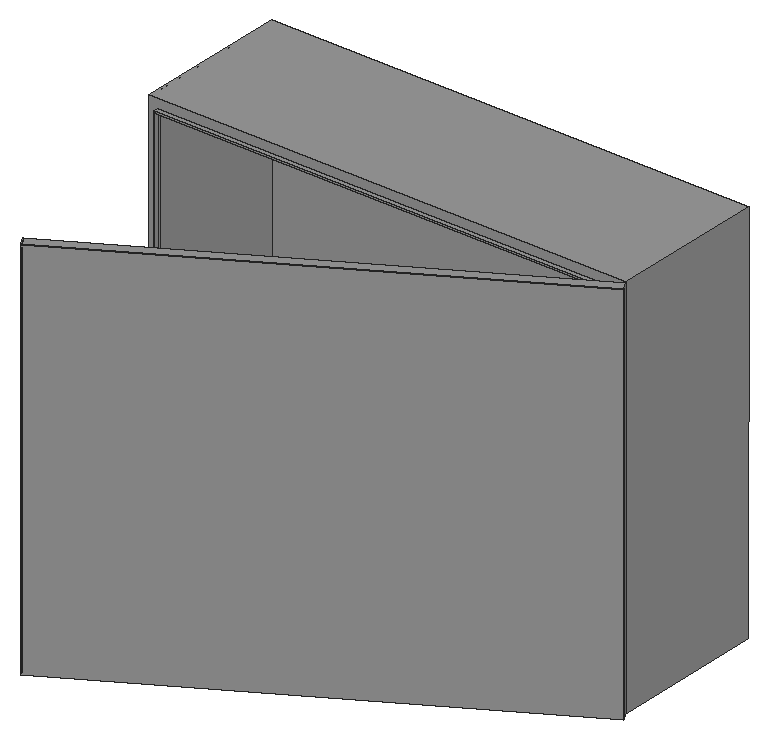
Revit family "Hager-Univers-IP55-D275-H650-Cl.II-Steel_encl-NoHosted-ES-es", category Electrical Equipment, Revit 2020
Family settings
  Panel Configuration = Two Columns, Circuits Across
  Round Connector Dimension = Use Diameter
  Part Type = Panelboard
  Work Plane-Based = Yes
  Always vertical = Yes
  Cut with Voids When Loaded = No
  Shared = No
  Room Calculation Point = No
Parameters (values of type "Montado superficial (escayola) IP55 A800 A650 P275  - FR43S")
  Width Control [instance] = if([EF000008 - Anchura] > Min Width, [EF000008 - Anchura], Min Width)  # 800 mm
  Type Comments = [HG000003 - Gama]  # "Univers"
  Thickness Door [instance] = if([EF009171 - Espesor puerta/tapa] > 3 mm, 3 mm, [EF009171 - Espesor puerta/tapa])  # 1.5 mm
  Seal Frame Offset [instance] = 17 mm  # constant formula
  Plinth Visibility [instance] = [HG000027 - Altura de zócalo] > 0 mm  # no
  Min Width [instance] = 100 mm  # constant formula
  Min Depth [instance] = (2 * [EF009170 - Espesor del material de la caja]) + 1 mm  # 4 mm
  Min Height [instance] = 100 mm  # constant formula
  Internal Frame Depth [instance] = (Door System Depth * 0.5)  # 9 mm
  Panel Name [instance] = ""  # (empty or 0)
  Model = ""
  HG000027 - Altura de zócalo = 0 mm
  HG000026 - Instalación en suelo = no
  HG000024 - Altura de la sección inferior = 600 mm
  HG000023 - Caja de doble sección = no
  HG000016 - Visibilidad de la puerta 3D [instance] = yes
  HG000015 - Visibilidad a través de la puerta [instance] = no
  HG000014 - Puerta a la derecha [instance] = yes
  HG000013 - Puerta a la izquierda [instance] = not([HG000014 - Puerta a la derecha])  # no
  HG000012 - Ángulo de giro de la puerta [instance] = 30.00°
  HG000010 - Puertas asimétricas = no
  HG000009 - Puerta batiente doble = no
  HG000006 - Empotrado = no
  HG000004 - Referencia del fabricante = "FR43S"
  HG000003 - Gama = "Univers"
  HG000002 - Con puerta o tapa = yes
  Frame Offset Bottom [instance] = 10 mm  # constant formula
  Frame Offset [instance] = 15 mm  # constant formula
  EF015940 - Tapa con alivio de sobrepresión = no
  EF011959 - Grado de protección (NEMA) = ""
  EF009554 - Número de aberturas para placas-brida = 6
  EF009212 - Versión de la cubierta = "EV000116 - Cerrado"
  EF009171 - Espesor puerta/tapa = 1.5 mm
  EF009170 - Espesor del material de la caja = 1.5 mm
  EF008873 - Corriente nominal (In) = 800 A
  EF007800 - Adecuado para la protección contra rayos = no
  EF006306 - Con cierre = no
  EF006244 - Tapa/puerta transparente = no
  EF005474 - Grado de protección (IP) = "EV006420 - IP55"
  EF004464 - Tipo de puerta = "EV002646 - Único"
  EF004427 - Número de módulos = 144
  EF004293 - Resistencia al impacto (IK) = "EV008784 - IK10"
  EF003532 - Adecuado para uso en exteriores = no
  EF002950 - Anchura de unidades de división = 24
  EF001613 - Integridad del circuito = "EV000494 - Ninguno"
  EF001596 - Material de la carcasa = "EV000179 - Acero"
  EF001131 - Profundidad interna = 275 mm
  EF001088 - Posibilidad de extensión = yes
  EF000437 - Número de entradas de conductos de cables = 6
  EF000339 - Tipo de cubierta = "EV004216 - Puerta"
  EF000266 - Número de filas = 4
  EF000218 - Profundidad de instalación = 0 mm
  EF000118 - Con placa de montaje = no
  EF000116 - Número RAL = "7035"
  EF000049 - Profundidad = 275 mm
  EF000040 - Altura = 650 mm
  EF000008 - Anchura = 800 mm
  EF000007 - Color = "EV000270 - Gris"
  EF000003 - Tipo de montaje = "EV000384 - Montado superficial (escayola)"
  Door System Leaf Tolerance [instance] = 1.5 mm  # constant formula
  Door System Depth [instance] = 18 mm  # constant formula
  Door Height [instance] = Height Control - [HG000027 - Altura de zócalo]  # 650 mm
  Description = ""
  Default Elevation = 1219.2 mm
  Connector Offset [instance] = Height Control / 2  # 325 mm
  Manufacturer = "Hager"  # constant formula
  Height Control [instance] = if([EF000040 - Altura] > Min Height, [EF000040 - Altura], Min Height)  # 650 mm
  Depth Control [instance] = if([EF000049 - Profundidad] > Min Depth, [EF000049 - Profundidad], Min Depth)  # 275 mm
  Bottom Top Plate Trim [instance] = 1.5 mm  # constant formula
  Plinth height Ctrl [instance] = if([HG000027 - Altura de zócalo] > 0 mm, [HG000027 - Altura de zócalo], 12 mm)  # 12 mm
Types (5, lengths in mm): name | Width Control | HG000010 - Puertas asimétricas | HG000009 - Puerta batiente doble | HG000004 - Referencia del fabricante | EF009554 - Número de aberturas para placas-brida | EF004464 - Tipo de puerta | EF004427 - Número de módulos | EF000437 - Número de entradas de conductos de cables | EF000008 - Anchura
  Montado superficial (escayola) IP55 A1050 A650 P275  - FR44S | 1050 | no | yes | "FR44S" | 8 | "EV003602 - Doble" | 192 | 8 | 1050
  Montado superficial (escayola) IP55 A1300 A650 P275  - FR45S | 1300 | yes | yes | "FR45S" | 10 | "EV003602 - Doble" | 240 | 10 | 1300
  Montado superficial (escayola) IP55 A300 A650 P275  - FR41S | 300 | no | no | "FR41S" | 2 | "EV002646 - Único" | 48 | 2 | 300
  Montado superficial (escayola) IP55 A550 A650 P275  - FR42S | 550 | no | no | "FR42S" | 4 | "EV002646 - Único" | 96 | 4 | 550
  Montado superficial (escayola) IP55 A800 A650 P275  - FR43S | 800 | no | no | "FR43S" | 6 | "EV002646 - Único" | 144 | 6 | 800
Reference planes
  plane 1 "Center (Front/Back)": y = 0
  plane 2: z = 0
  plane 3 "Center (Left/Right)": x = 0
  plane 4: y = 0
  plane 5: y = 0
  plane 6: z = 0
  plane 7: x = -400
  plane 8: x = 400
  plane 9: x = 398.5
  plane 10: x = -398.5
  plane 11: z = 0
  plane 12: z = 1.5
  plane 13: y = -275
  plane 14: y = -1.5
  plane 15: x = 0
  plane 16: y = -257
  plane 17: y = -273.5
  plane 18: y = -255.5
  plane 19: x = -383.5
  plane 20: x = 383.5
  plane 21: z = 11.5
  plane 22: x = -383
  plane 23: x = 383
  plane 24: z = 0
  plane 25: z = 650
  plane 26: z = 650
  plane 27: z = 633.5
  plane 28: z = 648.5
Forms (mm)
  Extrusion 1, solid, material "Hager_Steel_RAL7035_Light_Grey", detail levels medium+fine
    sketch origin (-208.679, -4572, 0) x (-1, 0, 0) y (0, -1, 0)
      loop
        line (191.321, -4315) -> (-608.679, -4315) -> (-608.679, -4572) -> (191.321, -4572) -> (191.321, -4315)
    from 0 to 650
  Extrusion 2, void
    sketch origin (-350.771, -275, 1219.2) x (1, 0, 0) y (0, 0, 1)
      loop
        line (-47.729, -570.7) -> (-47.729, -1217.7) -> (749.271, -1217.7) -> (749.271, -570.7) -> (-47.729, -570.7)
    from -19.5 to -273.5
  Extrusion 3, void
    sketch origin (-290.084, -257, 1219.2) x (1, 0, 0) y (0, 0, 1)
      loop
        line (-93.416, -1207.7) -> (673.584, -1207.7) -> (673.584, -585.7) -> (-93.416, -585.7) -> (-93.416, -1207.7)
    from 0 to -1.5
  Extrusion 4, solid, material "Hager_Steel_RAL7035_Light_Grey", visible <- "Plinth Visibility", detail levels medium+fine
    sketch origin (0, 0, 0) x (1, 0, 0) y (0, 1, 0)
      loop
        line (-400, 0) -> (-400, -257) -> (400, -257) -> (400, 0) -> (-400, 0)
    from 0 to 12 <- "Plinth height Ctrl"
  Extrusion 5, solid, material "Hager_Steel_RAL7035_Light_Grey", detail levels coarse
    sketch origin (0, 0, 0) x (1, 0, 0) y (0, 1, 0)
      loop
        line (-400, 0) -> (-400, -275) -> (400, -275) -> (400, 0) -> (-400, 0)
    from 0 to 650 <- "Height Control"
  Sweep 6, void
    path in 3D
      loop
        line (-400, -257, 12) -> (400, -257, 12) -> (400, 0, 12) -> (-400, 0, 12) -> (-400, -257, 12)
    profile origin (-400, -128.5, 12) x (1, 0, 0) y (0, 0, 1)
      loop
        line (0, 0) -> (0, -1.5) -> (1.5, -1.5)
        arc (1.5, -1.5) -> (1.061, -0.439) -> (0, 0) r 1.5
  Extrusion 7, solid, material "Hager_Steel_RAL7035_Light_Grey", detail levels fine
    sketch origin (-400, -257, 0) x (1, 0, 0) y (0, 0, 1)
      loop
        line (16.5, 11.5) -> (783.5, 11.5) -> (783.5, 633.5) -> (16.5, 633.5) -> (16.5, 11.5)
      loop
        line (15, 10) -> (785, 10) -> (785, 635) -> (15, 635) -> (15, 10)
    from 0 to 9 <- "Internal Frame Depth"
Cuts and joins
  Extrusion 2, Extrusion 3 cuts Extrusion 1
  Sweep 6 cuts Extrusion 4
Lines and regions (mm)
  Masking region 1
    outline origin (0, 0, 0) x (1, 0, 0) y (0, 1, 0)
      loop
        line (-400, 0) -> (-400, -275) -> (400, -275) -> (400, 0) -> (-400, 0)
  Masking region 2, detail levels coarse
    outline origin (-290.084, -257, 1219.2) x (-1, 0, 0) y (0, 0, 1)
      loop
        line (-690.084, -1219.2) -> (109.916, -1219.2) -> (109.916, -569.2) -> (-690.084, -569.2) -> (-690.084, -1219.2)
  Masking region 3, detail levels coarse
    outline origin (0, 0, 0) x (0, 1, 0) y (0, 0, 1)
      loop
        line (0, 0) -> (0, 650) -> (-275, 650) -> (-275, 0) -> (0, 0)
  Masking region 4, visible <- "Plinth Visibility", detail levels medium+fine
    outline origin (0, 0, 0) x (0, 1, 0) y (0, 0, 1)
      loop
        line (-1.5, 12) -> (-255.5, 12)
        arc (-255.5, 12) -> (-255.939, 10.939) -> (-257, 10.5) r 1.5
        line (-257, 10.5) -> (-257, 0) -> (0, 0) -> (0, 10.5)
        arc (0, 10.5) -> (-1.061, 10.939) -> (-1.5, 12) r 1.5
  Masking region 5, detail levels medium+fine
    outline origin (0, 0, 594.038) x (0, 1, 0) y (0, 0, 1)
      loop
        line (0, -594.038) -> (0, 55.962) -> (-257, 55.962) -> (-257, -594.038) -> (0, -594.038)
  Masking region 6, detail levels medium+fine
    outline origin (-359.7, -257, 1211.883) x (-1, 0, 0) y (0, 0, 1)
      loop
        line (-759.7, -1211.883) -> (40.3, -1211.883) -> (40.3, -561.883) -> (-759.7, -561.883) -> (-759.7, -1211.883)
  Masking region 7, visible <- "Plinth Visibility", detail levels medium+fine
    outline origin (-320.334, -257, 1041.368) x (-1, 0, 0) y (0, 0, 1)
      loop
        line (-720.334, -1041.368) -> (79.666, -1041.368) -> (79.666, -1030.868)
        arc (79.666, -1030.868) -> (78.606, -1030.429) -> (78.166, -1029.368) r 1.5
        line (78.166, -1029.368) -> (-718.834, -1029.368)
        arc (-718.834, -1029.368) -> (-719.273, -1030.429) -> (-720.334, -1030.868) r 1.5
        line (-720.334, -1030.868) -> (-720.334, -1041.368)
  sketch lines
    curve 1: line (-400, 0, 12) -> (-400, -257, 12)
    curve 2: line (-400, -257, 12) -> (400, -257, 12)
    curve 3: line (400, 0, 12) -> (-400, 0, 12)
    curve 4: line (400, -257, 12) -> (400, 0, 12)
Dimensions and locks
  locked: plane 1 "Center (Front/Back)" to plane 5
  "EF009170 - Espesor del material de la caja": plane 7 to plane 10
  "EF009170 - Espesor del material de la caja": plane 8 to plane 9
  equal spacing: plane 7, plane 3 "Center (Left/Right)", plane 8
  "Width Control": plane 7 to plane 8
  "Depth Control": plane 4 to plane 13
  "EF009170 - Espesor del material de la caja": plane 4 to plane 14
  "Height Control": plane 25 to level
  "HG000027 - Altura de zócalo": plane 11 to level
  "EF009170 - Espesor del material de la caja": plane 12 to plane 11
  "EF009170 - Espesor del material de la caja": plane 17 to plane 13
  "EF009170 - Espesor del material de la caja": plane 18 to plane 16
  "Frame Offset Bottom": plane 21 to plane 12
  "Frame Offset": plane 10 to plane 19
  "Frame Offset": plane 9 to plane 20
  "Door System Depth": plane 16 to plane 13
  "Seal Frame Offset": plane 7 to plane 22
  "Seal Frame Offset": plane 8 to plane 23
  "EF009170 - Espesor del material de la caja": plane 26 to plane 28
  "Frame Offset": plane 28 to plane 27
  "Connector Offset": plane 2 to connector elem
  "Bottom Top Plate Trim": profile plane to Sweep 6 sketch curve
  "Bottom Top Plate Trim": Sweep 6 sketch curve to Sweep 6 sketch curve
  "Plinth height Ctrl": Masking region 4 sketch curve to level
  "Plinth height Ctrl": Masking region 7 sketch curve to level
  "Thickness Door": Extrusion 7 sketch curve to Extrusion 7 sketch curve  (x4)
  "Bottom Top Plate Trim": radius of Sweep 6 sketch curve
  "Bottom Top Plate Trim": radius of Masking region 4 sketch curve  (x2)
  "Bottom Top Plate Trim": radius of Masking region 7 sketch curve  (x2)
  aligned and locked: Extrusion 2 sketch curve to plane 12
  aligned and locked: Extrusion 2 sketch curve to plane 9
  aligned and locked: Extrusion 2 sketch curve to plane 10
  aligned and locked: Extrusion 2 to plane 14
  aligned and locked: Extrusion 1 sketch curve to plane 4
  aligned and locked: plane 8 to Extrusion 1 sketch curve
  aligned and locked: plane 7 to Extrusion 1 sketch curve
  aligned and locked: Extrusion 2 to plane 18
  aligned and locked: Extrusion 3 sketch curve to plane 19
  aligned and locked: plane 20 to Extrusion 3 sketch curve
  aligned and locked: Extrusion 3 to Extrusion 2
  aligned and locked: Extrusion 3 sketch curve to plane 21
  aligned and locked: plane 3 "Center (Left/Right)" to nested 1
  aligned and locked: Extrusion 1 sketch curve to plane 16
  aligned and locked: Extrusion 4 sketch curve to cut or joined group of Extrusion 1, Extrusion 2, Extrusion 3
  aligned and locked: Masking region 1 sketch curve to plane 7
  aligned and locked: Masking region 1 sketch curve to plane 5
  aligned and locked: Masking region 1 sketch curve to plane 8
  aligned and locked: Masking region 2 sketch curve to level
  aligned and locked: level to Masking region 3 sketch curve
  aligned and locked: plane 1 "Center (Front/Back)" to Masking region 3 sketch curve
  aligned and locked: plane 13 to Masking region 3 sketch curve
  aligned and locked: plane 5 to Masking region 4 sketch curve
  aligned and locked: Masking region 2 sketch curve to plane 8
  aligned and locked: Masking region 2 sketch curve to plane 7
  aligned and locked: plane 7 to nested 2
  aligned and locked: nested 2 to plane 5
  aligned and locked: plane 5 to Masking region 5 sketch curve
  aligned and locked: plane 26 to Masking region 5 sketch curve
  aligned and locked: Extrusion 5 sketch curve to plane 8
  aligned and locked: Extrusion 5 sketch curve to plane 7
  aligned and locked: Extrusion 5 sketch curve to plane 5
  aligned and locked: Extrusion 3 sketch curve to plane 27
  aligned and locked: Extrusion 2 sketch curve to plane 28
  aligned and locked: Masking region 2 to plane 25
  aligned and locked: Extrusion 4 to plane 16
  aligned and locked: profile plane to Sweep 6 sketch curve
  aligned and locked: Masking region 5 sketch curve to plane 24
  aligned and locked: level to Masking region 4 sketch curve
  aligned and locked: Masking region 1 to plane 13
  aligned and locked: nested 1 to plane 16
  aligned and locked: Masking region 3 to plane 25
  aligned and locked: plane 16 to Masking region 4 sketch curve
  aligned and locked: Masking region 5 sketch curve to plane 16
  aligned and locked: plane 24 to plane 11
  aligned and locked: plane 26 to plane 25
  aligned and locked: plane 26 to cut or joined group of Extrusion 1, Extrusion 2, Extrusion 3
  aligned and locked: nested 1 to plane 24
  aligned and locked: Extrusion 1 to Extrusion 3
  aligned and locked: Masking region 6 sketch curve to plane 8
  aligned and locked: Masking region 6 sketch curve to plane 24
  aligned and locked: Masking region 6 sketch curve to plane 7
  aligned and locked: Masking region 6 sketch curve to plane 26
  aligned and locked: Masking region 7 sketch curve to plane 7
  aligned and locked: level to Masking region 7 sketch curve
  aligned and locked: Masking region 7 sketch curve to plane 8
  aligned and locked: Extrusion 7 sketch curve to cut or joined group of Extrusion 1, Extrusion 2, Extrusion 3  (x4)
Automatic sketch dimensions
  plane 19 to Extrusion 3 sketch curve = 0 mm
  Extrusion 3 sketch curve to plane 20 = 0 mm
  Extrusion 3 sketch curve to plane 21 = 0 mm
  Extrusion 4 sketch curve to plane 7 = 0 mm
  Extrusion 4 sketch curve to plane 8 = 0 mm
  Extrusion 4 sketch curve to plane 16 = 0 mm
  Masking region 1 sketch curve to plane 13 = 0 mm
  Masking region 2 sketch curve to plane 25 = 0 mm
  Masking region 3 sketch curve to plane 25 = 0 mm
  Extrusion 5 sketch curve to plane 13 = 0 mm
  profile plane to Sweep 6 sketch curve = 0 mm
Nested families
  nested 1: "EC000058_Univers_Door" at (0, -257, 0), Double <- "HG000009 - Puerta batiente doble", Transparent <- "EF006244 - Tapa/puerta transparente", Angle <- "HG000012 - Ángulo de giro de la puerta", Door_Right <- "HG000014 - Puerta a la derecha", Assymetrical <- "HG000010 - Puertas asimétricas", Door <- "HG000002 - Con puerta o tapa", Width_Ctrl <- "Width Control", 3d_Door <- "HG000016 - Visibilidad de la puerta 3D", Clearance <- "HG000015 - Visibilidad a través de la puerta", Door_Left <- "HG000013 - Puerta a la izquierda", Width <- "Width Control", Door_Depth <- "Door System Depth", Leaf_Tolerance <- "Door System Leaf Tolerance", Height <- "Door Height", Lock_Visibility <- "EF006306 - Con cierre", Thickness <- "Thickness Door", type "EC000058_Univers_Door", detail levels medium+fine
    with min_wh 4 mm, Width_Ctrl 800 mm, Width 800 mm, Transparent no, Thickness 1.5 mm, Seal_Material Hager_Rubber, Lock_Visibility no, Lock_Material Hager_Plastic_RAL9005_Jet_Black, Leaf_Width 800 mm, Leaf_Tolerance_External_Sides 0 mm, Leaf_Tolerance 1.5 mm, Leaf_Offset 0 mm, Leaf_Height 647 mm, Leaf_2_Width 800 mm, Leaf_2_Offset 400 mm, Leaf_1_Width 800 mm, Leaf_1_Offset 400 mm, Height_Ctrl 650 mm, Height 650 mm, Glass_Material Hager_Glass, Double_Clearance_Ctrl no, Double no, Door_Right_Ctrl yes, Door_Right yes, Door_Material Hager_Steel_RAL7035_Light_Grey, Door_Left_Ctrl no, Door_Left no, Door_Depth 18 mm, Door yes, Clearance_Material Hager_Clearance, Clearance_Depth 800 mm, Clearance_Ctrl no, Clearance no, Assymetrical no, Angle 30.00°, 3d_Door yes
  nested 2: "Hager_Enclosure_Symbol" at (-400, 0, 0), Height <- "Depth Control", Width <- "Width Control", type "Hager_Enclosure_Symbol"
    with Width_Ctrl 800 mm, Width 800 mm, Height_Ctrl 275 mm, Height 275 mm, A_Width_Int 18.047 mm, A_Width 216.562 mm, A_Height_Ctrl 240.625 mm, A_Height 240.625 mm
Connectors
  electrical at (0, 0, 325)
    settings: on plane 1 "Center (Front/Back)", index 1, voltage 0 V, apparent load 0 VA, apparent load phase1 0 VA, apparent load phase2 0 VA, apparent load phase3 0 VA, power factor 1, load classification "Other", number of poles 1, system type 30, power factor state 1, is connector primary yes, connector utility no, sub classification motor no, connector description ""
Definition of nested family "EC000058_Univers_Door"
  Parameters (values of type "EC000058_Univers_Door")
    min_wh [instance] = (2 * Thickness) + 1 mm  # 11 mm
    Width_Ctrl [instance] = 400 mm
    Width [instance] = 500 mm
    Transparent [instance] = yes
    Thickness [instance] = 5 mm
    Seal_Material [instance] = none
    Lock_Visibility [instance] = yes
    Lock_Material [instance] = none
    Leaf_Width [instance] = if((Width_Ctrl - 2 * Leaf_Tolerance_External_Sides) > 0 mm, (Width_Ctrl - 2 * Leaf_Tolerance_External_Sides), min_wh)  # 400 mm
    Leaf_Tolerance_External_Sides [instance] = 0 mm  # constant formula
    Leaf_Tolerance [instance] = 1.5 mm
    Leaf_Offset [instance] = 0 mm  # constant formula
    Leaf_Height [instance] = if((Height_Ctrl - 2 * Leaf_Tolerance) > 0 mm, (Height_Ctrl - 2 * Leaf_Tolerance), min_wh)  # 497 mm
    Leaf_2_Width [instance] = if(and(and(Double, Assymetrical), Door_Left), (Leaf_Width / 3) - (Leaf_Tolerance / 2), if(and(and(Double, Assymetrical), Door_Right), (Leaf_Width / 3) * 2 - (Leaf_Tolerance / 2), if(and(Double, not(Assymetrical)), (Leaf_Width / 2) - Leaf_Tolerance, Leaf_Width)))  # 400 mm
    Leaf_2_Offset [instance] = if(and(Double, Assymetrical), Leaf_2_Width / 2, if(and(Double, not(Assymetrical)), Leaf_Width / 4, Leaf_Width / 2))  # 200 mm
    Leaf_1_Width [instance] = if(and(and(Double, Assymetrical), Door_Right), (Leaf_Width / 3) - (Leaf_Tolerance / 2), if(and(and(Double, Assymetrical), Door_Left), (Width / 3) * 2 - (Leaf_Tolerance / 2), if(and(Double, not(Assymetrical)), (Leaf_Width / 2) - Leaf_Tolerance, Leaf_Width)))  # 400 mm
    Leaf_1_Offset [instance] = if(and(Double, Assymetrical), Leaf_1_Width / 2, if(and(Double, not(Assymetrical)), Leaf_Width / 4, Leaf_Width / 2))  # 200 mm
    Height_Ctrl [instance] = if(Height > min_wh, Height, min_wh)  # 500 mm
    Height [instance] = 500 mm
    Glass_Material [instance] = none
    Double_Clearance_Ctrl [instance] = and(Double, Clearance)  # no
    Double [instance] = no
    Door_Right_Ctrl [instance] = and(or(Door_Right, Double), Door)  # yes
    Door_Right [instance] = yes
    Door_Material [instance] = none
    Door_Left_Ctrl [instance] = and(or(Door_Left, Double), Door)  # no
    Door_Left [instance] = no
    Door_Depth [instance] = 30 mm
    Door [instance] = yes
    Default Elevation = 1219.2 mm
    Clearance_Material [instance] = none
    Clearance_Depth [instance] = if(Leaf_1_Width > Leaf_2_Width, Leaf_1_Width, Leaf_2_Width)  # 400 mm
    Clearance_Ctrl [instance] = and(not(Double), Clearance)  # yes
    Clearance [instance] = yes
    Assymetrical [instance] = yes
    Angle [instance] = 30.00°
    3d_Door [instance] = yes
  Reference planes
    plane 1 "Center (Front/Back)": y = 0
    plane 2 "Bottom": z = 0
    plane 3 "Center (Left/Right)": x = 0
    plane 4: z = 500
    plane 5: x = -200
    plane 6: x = 200
    plane 7: z = 500
    plane 8: x = -200
    plane 9: z = 0
    plane 10: x = 200
    plane 11: y = 0
    plane 12: z = 1.5
    plane 13: x = -600
    plane 14: y = -400
    plane 15: x = 600
    plane 16: x = 0
    plane 17: x = 0
    plane 18: x = -200
    plane 19: x = 200
    plane 20: z = 498.5
  Forms (mm)
    Extrusion 1, solid, material <- "Clearance_Material", visible <- "Double_Clearance_Ctrl"
      sketch origin (1200, 0, 0) x (1, 0, 0) y (0, 0, -1)
        loop
          line (-1800, -498.5) -> (-600, -498.5) -> (-600, 0) -> (-1800, 0) -> (-1800, -498.5)
      from 0 to -400
  Dimensions and locks
    equal spacing: plane 5, plane 3 "Center (Left/Right)", plane 6
    "Width_Ctrl": plane 5 to plane 6
    "Leaf_Offset": plane 5 to plane 8
    "Leaf_Offset": plane 6 to plane 10
    "Leaf_Offset": plane 9 to level
    "Leaf_Offset": plane 4 to plane 7
    "Height_Ctrl": plane 4 to level
    "Leaf_Tolerance": plane 12 to plane 9
    locked: plane 11 to plane 1 "Center (Front/Back)"
    "Leaf_1_Offset": plane 18 to plane 16
    "Leaf_2_Offset": plane 17 to plane 19
    "Leaf_1_Width": plane 13 to plane 8
    "Leaf_2_Width": plane 10 to plane 15
    "Clearance_Depth": plane 14 to plane 1 "Center (Front/Back)"
    "Leaf_Tolerance_External_Sides": plane 8 to plane 18
    "Leaf_Tolerance_External_Sides": plane 19 to plane 10
    "Leaf_Tolerance": plane 7 to plane 20
    aligned and locked: level to plane 2 "Bottom"
    aligned and locked: nested 1 to plane 16
    aligned and locked: nested 2 to plane 17
    aligned and locked: Extrusion 1 to plane 13
    aligned and locked: plane 15 to Extrusion 1
    aligned and locked: Extrusion 1 to plane 14
    aligned and locked: plane 12 to nested 1
    aligned and locked: nested 2 to plane 12
    aligned and locked: Extrusion 1 to plane 11
    aligned and locked: plane 20 to Extrusion 1
    aligned and locked: nested 2 to plane 11
    aligned and locked: nested 1 to plane 11
  Automatic sketch dimensions
    Extrusion 1 sketch curve to level = 0 mm
    plane 5 to Extrusion 1 sketch curve = 400 mm
    plane 6 to Extrusion 1 sketch curve = 400 mm
    Extrusion 1 sketch curve to plane 4 = 1.5 mm
  Nested families
    nested 1: "EC000058_Univers_Door_Leaf" at (0, 0, 1.5), Width <- "Leaf_1_Width", visible <- "Door_Left_Ctrl", Leaf_Height <- "Leaf_Height", Angle <- "Angle", 3d_Door <- "3d_Door", Transparent <- "Transparent", Clearance Material <- "Clearance_Material", Clearance <- "Clearance_Ctrl", Door_Material <- "Door_Material", Glass_Material <- "Glass_Material", Door_Depth <- "Door_Depth", Lock_Material <- "Lock_Material", Seal_Material <- "Seal_Material", Lock_Visibility <- "Lock_Visibility", Thickness <- "Thickness", type "EC000058_Univers_Door_Leaf"
      with Width 400 mm, Transparent_Glass_Offset 30 mm, Transparent_Ctrl yes, Transparent yes, Thickness 5 mm, Standard no, Seal_Material none, Seal_D2 8 mm, Seal_D1 1 mm, Offset_Internal_Frame 10 mm, Lock_Width 20 mm, Lock_Visibility_3d yes, Lock_Visibility yes, Lock_Thickness_3 3 mm, Lock_Thickness_2 1 mm, Lock_Thickness_1 3 mm, Lock_Radius_Offset_2 16 mm, Lock_Radius_Offset_1 15 mm, Lock_Radius_2 5 mm, Lock_Radius 6 mm, Lock_Offset 5 mm, Lock_Material none, Lock_Height 80 mm, Lock_Cover_Top_Offset_2d 17 mm, Lock_Cover_Height -65 mm, Leaf_Height 497 mm, Internal_Seal_Thickness 8 mm, Internal_Seal_Depth_2 4.5 mm, Internal_Frame_Depth 25 mm, Glass_Thickness -1 mm, Glass_Offset -2 mm, Glass_Material none, Door_Material none, Door_Depth 30 mm, Clearance Material none, Clearance yes, Angle_Ctrl 30.00°, Angle 30.00°, 3d_Door yes
    nested 2: "EC000058_Univers_Door_Leaf" at (0, 0, 1.5) x (-1, 0, 0) z (0, 0, 1), Width <- "Leaf_2_Width", visible <- "Door_Right_Ctrl", Leaf_Height <- "Leaf_Height", Angle <- "Angle", 3d_Door <- "3d_Door", Transparent <- "Transparent", Clearance Material <- "Clearance_Material", Clearance <- "Clearance_Ctrl", Door_Material <- "Door_Material", Glass_Material <- "Glass_Material", Door_Depth <- "Door_Depth", Lock_Material <- "Lock_Material", Seal_Material <- "Seal_Material", Lock_Visibility <- "Lock_Visibility", Thickness <- "Thickness", type "EC000058_Univers_Door_Leaf"
      with Width 400 mm, Transparent_Glass_Offset 30 mm, Transparent_Ctrl yes, Transparent yes, Thickness 5 mm, Standard no, Seal_Material none, Seal_D2 8 mm, Seal_D1 1 mm, Offset_Internal_Frame 10 mm, Lock_Width 20 mm, Lock_Visibility_3d yes, Lock_Visibility yes, Lock_Thickness_3 3 mm, Lock_Thickness_2 1 mm, Lock_Thickness_1 3 mm, Lock_Radius_Offset_2 16 mm, Lock_Radius_Offset_1 15 mm, Lock_Radius_2 5 mm, Lock_Radius 6 mm, Lock_Offset 5 mm, Lock_Material none, Lock_Height 80 mm, Lock_Cover_Top_Offset_2d 17 mm, Lock_Cover_Height -65 mm, Leaf_Height 497 mm, Internal_Seal_Thickness 8 mm, Internal_Seal_Depth_2 4.5 mm, Internal_Frame_Depth 25 mm, Glass_Thickness -1 mm, Glass_Offset -2 mm, Glass_Material none, Door_Material none, Door_Depth 30 mm, Clearance Material none, Clearance yes, Angle_Ctrl 30.00°, Angle 30.00°, 3d_Door yes
  Definition of nested family "EC000058_Univers_Door_Leaf"
    Parameters (values of type "EC000058_Univers_Door_Leaf")
      Width [instance] = 2000 mm
      Transparent_Glass_Offset [instance] = 30 mm
      Transparent_Ctrl [instance] = and(Transparent, [3d_Door])  # yes
      Transparent [instance] = yes
      Thickness [instance] = 5 mm
      Standard [instance] = and(not(Transparent), [3d_Door])  # no
      Seal_Material [instance] = none
      Seal_D2 [instance] = 8 mm  # constant formula
      Seal_D1 [instance] = 1 mm  # constant formula
      Offset_Internal_Frame [instance] = 10 mm  # constant formula
      Lock_Width [instance] = 20 mm  # constant formula
      Lock_Visibility_3d [instance] = and(Lock_Visibility, [3d_Door])  # yes
      Lock_Visibility [instance] = yes
      Lock_Thickness_3 [instance] = 3 mm  # constant formula
      Lock_Thickness_2 [instance] = 1 mm  # constant formula
      Lock_Thickness_1 [instance] = 3 mm  # constant formula
      Lock_Radius_Offset_2 [instance] = Lock_Radius_Offset_1 + 1 mm  # 16 mm
      Lock_Radius_Offset_1 [instance] = 15 mm  # constant formula
      Lock_Radius_2 [instance] = Lock_Radius - 1 mm  # 5 mm
      Lock_Radius [instance] = 6 mm  # constant formula
      Lock_Offset [instance] = 5 mm  # constant formula
      Lock_Material [instance] = none
      Lock_Height [instance] = 80 mm  # constant formula
      Lock_Cover_Top_Offset_2d [instance] = Lock_Radius_Offset_2 + 1 mm  # 17 mm
      Lock_Cover_Height [instance] = -(Lock_Height - Lock_Radius_Offset_1)  # -65 mm
      Leaf_Height [instance] = 2720.336 mm
      Internal_Seal_Thickness [instance] = 8 mm  # constant formula
      Internal_Seal_Depth_2 [instance] = 4.5 mm  # constant formula
      Internal_Frame_Depth [instance] = if(Door_Depth - Thickness > 5 mm, Door_Depth - Thickness, 5 mm)  # 25 mm
      Glass_Thickness [instance] = if(Thickness > 15 mm, Glass_Offset + 10 mm, -1 mm)  # -1 mm
      Glass_Offset [instance] = if(Thickness > 15 mm, -(Thickness + 10 mm) / 2, -2 mm)  # -2 mm
      Glass_Material [instance] = none
      Door_Material [instance] = none
      Door_Depth [instance] = 30 mm
      Default Elevation = 0 mm
      Clearance Material [instance] = none
      Clearance [instance] = yes
      Angle_Ctrl [instance] = if(Angle > 180.00°, 180.00°, Angle)  # 90.00°
      Angle [instance] = 90.00°
      3d_Door [instance] = yes
    Reference planes
      plane 1 "Center (Front/Back)": y = 0
      plane 2: z = 0
      plane 3 "Center (Left/Right)": x = 0
      plane 4: y = 2000
      plane 5: x = -1000
      plane 6: x = 1000
      plane 7: x = -3000
      plane 8: z = 2720.336
      plane 9: z = 30
      plane 10: z = 2690.336
      plane 11: x = 970
      plane 12: x = -970
      plane 13: y = -3
      plane 14: z = 107.833
      plane 15: y = -5
      plane 16: y = -223.314
      plane 17: x = -1000
      plane 18: z = 1360.168
      plane 19: y = 30
    Forms (mm)
      Extrusion 1, solid, material <- "Clearance Material", visible <- "Clearance"
        sketch origin (0, 0, 0) x (1, 0, 0) y (0, 0, 1)
          loop
            line (-3000, 2720.336) -> (-3000, 0) -> (1000, 0) -> (1000, 2720.336) -> (-3000, 2720.336)
        from 0 to -2000
      Extrusion 2, solid, material <- "Door_Material", visible <- "Standard", detail levels medium+fine
        sketch origin (-1000, 0, 0) x (0, 1, 0) y (-1, 0, 0)
          loop
            line (0, 30) -> (0, 25) -> (2000, 25) -> (2000, 30) -> (0, 30)
        from 0 to 2720.336 <- "Leaf_Height"
      Extrusion 3, solid, material <- "Door_Material", visible <- "Transparent_Ctrl", detail levels medium+fine
        sketch origin (-1000, 0, 0) x (0, 1, 0) y (-1, 0, 0)
          loop
            line (0, 25) -> (2000, 25) -> (2000, 30) -> (0, 30) -> (0, 25)
        from 0 to 2720.336 <- "Leaf_Height"
      Extrusion 4, void
        sketch origin (-1025, 2000, 0) x (0, 1, 0) y (0, 0, -1)
          loop
            line (-30, -2690.336) -> (-30, -30) -> (-1970, -30) -> (-1970, -2690.336) -> (-30, -2690.336)
        from 0 to 5 <- "Thickness"
      Sweep 5, solid, material <- "Seal_Material", visible <- "Transparent_Ctrl", detail levels fine
        path in 3D
          loop
            line (-1025, 30, 30) -> (-1025, 30, 2690.336) -> (-1025, 1970, 2690.336) -> (-1025, 1970, 30) -> (-1025, 30, 30)
        profile origin (-1025, 1000, 30) x (1, 0, 0) y (0, 0, 1)
          loop
            line (0, 0) -> (0, -8) -> (1, -8) -> (1, 0) -> (0, 0)
      Extrusion 6, solid, material <- "Glass_Material", visible <- "Transparent_Ctrl", detail levels medium+fine
        sketch origin (-1030, 0, 0) x (0, 1, 0) y (0, 0, -1)
          loop
            line (1970, -2690.336) -> (1970, -30) -> (30, -30) -> (30, -2690.336) -> (1970, -2690.336)
        from -2 <- "Glass_Offset" to -1 <- "Glass_Thickness"
      Extrusion 7, solid, material <- "Door_Material", visible <- "3d_Door", detail levels medium+fine
        sketch origin (-1025, 2000, 0) x (0, -1, 0) y (0, 0, -1)
          loop
            line (0, -2720.336) -> (2000, -2720.336) -> (2000, 0) -> (0, 0) -> (0, -2720.336)
          loop
            line (1995, -5) -> (5, -5) -> (5, -2715.336) -> (1995, -2715.336) -> (1995, -5)
        from 0 to 25 <- "Internal_Frame_Depth"
      Sweep 8, solid, material <- "Seal_Material", visible <- "Transparent_Ctrl", detail levels fine
        path in 3D
          loop
            line (-1025, 0, 0) -> (-1025, 2000, 0) -> (-1025, 2000, 2720.336) -> (-1025, 0, 2720.336) -> (-1025, 0, 0)
        profile origin (-1025, 0, 1360.168) x (1, 0, 0) y (0, 1, 0)
          loop
            line (0, 10) -> (2.975, 10)
            arc (2.975, 10) -> (4.053, 10.447) -> (4.5, 11.525) r 1.525
            line (4.5, 11.525) -> (4.5, 16.527)
            arc (4.5, 16.527) -> (4.069, 17.569) -> (3.027, 18) r 1.473
            line (3.027, 18) -> (0, 18) -> (0, 10)
      Extrusion 9, solid, material <- "Lock_Material", visible <- "Lock_Visibility_3d", detail levels fine
        sketch origin (-1030, 0, 0) x (0, 1, 0) y (0, 0, -1)
          loop
            arc (1993.5, -1400.168) -> (1994.561, -1399.729) -> (1995, -1398.668) r 1.5
            line (1995, -1398.668) -> (1995, -1320.168) -> (1975, -1320.168) -> (1975, -1398.668)
            arc (1975, -1398.668) -> (1975.439, -1399.729) -> (1976.5, -1400.168) r 1.5
            line (1976.5, -1400.168) -> (1993.5, -1400.168)
        from 3 <- "Lock_Thickness_1" to 0
      Blend 10, solid, material <- "Lock_Material", visible <- "Lock_Visibility_3d", detail levels fine
        base sketch origin (-1033, 0, 0) x (0, 1, 0) y (0, 0, -1)
          loop
            line (1975, -1320.168) -> (1975, -1398.668)
            arc (1975, -1398.668) -> (1975.439, -1399.729) -> (1976.5, -1400.168) r 1.5
            line (1976.5, -1400.168) -> (1993.5, -1400.168)
            arc (1993.5, -1400.168) -> (1994.561, -1399.729) -> (1995, -1398.668) r 1.5
            line (1995, -1398.668) -> (1995, -1320.168) -> (1975, -1320.168)
        top sketch origin (-1033, 0, 0) x (0, 1, 0) y (0, 0, -1)
          loop
            line (1976, -1320.168) -> (1976, -1398.668)
            arc (1976, -1398.668) -> (1976.146, -1399.022) -> (1976.5, -1399.168) r 0.5
            line (1976.5, -1399.168) -> (1993.5, -1399.168)
            arc (1993.5, -1399.168) -> (1993.854, -1399.022) -> (1994, -1398.668) r 0.5
            line (1994, -1398.668) -> (1994, -1320.168) -> (1976, -1320.168)
        from 0 to 1 <- "Lock_Thickness_2"
      Blend 11, solid, material <- "Lock_Material", visible <- "Lock_Visibility_3d", detail levels fine
        base sketch origin (-1034, 0, 0) x (0, 1, 0) y (0, 0, -1)
          loop
            line (1978, -1320.168) -> (1978, -1384.168)
            arc (1978, -1384.168) -> (1985, -1391.168) -> (1992, -1384.168) r 7
            line (1992, -1384.168) -> (1992, -1320.168) -> (1978, -1320.168)
        top sketch origin (-1034, 0, 0) x (0, 1, 0) y (0, 0, -1)
          loop
            line (1991, -1320.168) -> (1979, -1320.168) -> (1979, -1383.168)
            arc (1979, -1383.168) -> (1985, -1389.168) -> (1991, -1383.168) r 6
            line (1991, -1383.168) -> (1991, -1320.168)
        from 0 to 3 <- "Lock_Thickness_3"
      Extrusion 12, solid, material <- "Lock_Material", visible <- "Lock_Visibility_3d", detail levels fine
        sketch origin (-1030, 1975, 1320.168) x (1, 0, 0) y (0, -1, 0)
          loop
            line (-7, -19) -> (-7, -1) -> (0, -1) -> (0, 0) -> (-8, 0) -> (-8, -20) -> (0, -20) -> (0, -19) -> (-7, -19)
        from 0 to -65 <- "Lock_Cover_Height"
      Extrusion 13, void
        sketch origin (-1038, 1995, 1320.168) x (-1, 0, 0) y (0, 0, -1)
          loop
            line (-5, -65) -> (0, -65) -> (-5, -60) -> (-5, -65)
        from 0 to 20 <- "Lock_Width"
      Extrusion 14, void
        sketch origin (-1038, 1975, 1320.168) x (0, -1, 0) y (0, 0, -1)
          loop
            circle (-10, -15.995) r 6
          loop
            circle (-10, -15.995) r 5
        from 0 to 2
      Extrusion 15, solid, material <- "Lock_Material", visible <- "Lock_Visibility_3d", detail levels medium
        sketch origin (-1030, 0, 0) x (0, 1, 0) y (0, 0, -1)
          loop
            arc (1993.5, -1400.168) -> (1994.561, -1399.729) -> (1995, -1398.668) r 1.5
            line (1995, -1398.668) -> (1995, -1320.168) -> (1975, -1320.168) -> (1975, -1398.668)
            arc (1975, -1398.668) -> (1975.439, -1399.729) -> (1976.5, -1400.168) r 1.5
            line (1976.5, -1400.168) -> (1993.5, -1400.168)
        from 8 to 0
    Cuts and joins
      Extrusion 4 cuts Extrusion 3
      Extrusion 13, Extrusion 14 cuts Extrusion 9
      Extrusion 14 cuts Blend 11
      Extrusion 13, Extrusion 14 cuts Extrusion 12
      joined: Extrusion 9, Blend 10, Blend 11, Extrusion 12
      Extrusion 14 cuts Extrusion 15
    Lines and regions (mm)
      Masking region 1, visible <- "Lock_Visibility", detail levels fine
        outline origin (0, 0, 0) x (0, 1, 0) y (0, 0, 1)
          loop
            line (30, 1320.168) -> (33, 1320.168) -> (33, 1400.168) -> (30, 1400.168) -> (30, 1320.168)
      Masking region 2, visible <- "Lock_Visibility", detail levels fine
        outline origin (0, 3.143, 0) x (0, 1, 0) y (0, 0, 1)
          loop
            line (29.857, 1354.168) -> (30.857, 1354.168) -> (30.857, 1366.168) -> (29.857, 1366.168) -> (29.857, 1354.168)
      Masking region 3, detail levels medium+fine
        outline origin (0, 0, 0) x (0, 1, 0) y (0, 0, 1)
          loop
            line (0, 0) -> (30, 0) -> (30, 2720.336) -> (0, 2720.336) -> (0, 0)
      Masking region 4, detail levels medium+fine
        outline origin (0, 0, 0) x (1, 0, 0) y (0, 0, 1)
          loop
            line (-1000, 2720.336) -> (-1000, 0) -> (1000, 0) -> (1000, 2720.336) -> (-1000, 2720.336)
      Masking region 5, visible <- "Lock_Visibility", detail levels fine
        outline origin (-47.116, 0, 0) x (1, 0, 0) y (0, 0, 1)
          loop
            arc (1024.616, 1399.168) -> (1023.556, 1398.729) -> (1023.116, 1397.668) r 1.5
            line (1023.116, 1397.668) -> (1023.116, 1320.168) -> (1041.116, 1320.168) -> (1041.116, 1397.668)
            arc (1041.116, 1397.668) -> (1040.677, 1398.729) -> (1039.616, 1399.168) r 1.5
            line (1039.616, 1399.168) -> (1024.616, 1399.168)
      Masking region 6, visible <- "Lock_Visibility", detail levels medium+fine
        outline origin (-25, 0, 0) x (1, 0, 0) y (0, 0, 1)
          loop
            arc (1001.5, 1400.168) -> (1000.439, 1399.729) -> (1000, 1398.668) r 1.5
            line (1000, 1398.668) -> (1000, 1320.168) -> (1020, 1320.168) -> (1020, 1398.668)
            arc (1020, 1398.668) -> (1019.561, 1399.729) -> (1018.5, 1400.168) r 1.5
            line (1018.5, 1400.168) -> (1001.5, 1400.168)
      Masking region 7, visible <- "Lock_Visibility", detail levels fine
        outline origin (-73.735, 0, 0) x (1, 0, 0) y (0, 0, 1)
          loop
            line (1051.735, 1382.168) -> (1065.735, 1382.168) -> (1065.735, 1384.168)
            arc (1065.735, 1384.168) -> (1058.735, 1391.168) -> (1051.735, 1384.168) r 7
            line (1051.735, 1384.168) -> (1051.735, 1382.168)
      Masking region 8, visible <- "Lock_Visibility", detail levels fine
        outline origin (-73.735, 0, 0) x (1, 0, 0) y (0, 0, 1)
          loop
            line (1052.735, 1382.168) -> (1064.735, 1382.168) -> (1064.735, 1383.168)
            arc (1064.735, 1383.168) -> (1058.735, 1389.168) -> (1052.735, 1383.168) r 6
            line (1052.735, 1383.168) -> (1052.735, 1382.168)
      Masking region 9, visible <- "Lock_Visibility", detail levels fine
        outline origin (-25, 0, 0) x (1, 0, 0) y (0, 0, 1)
          loop
            line (1020, 1320.168) -> (1020, 1382.168) -> (1000, 1382.168) -> (1000, 1320.168) -> (1020, 1320.168)
      Masking region 10, detail levels medium+fine
        outline origin (0, 0, 0) x (1, 0, 0) y (0, 0, 1)
          loop
            circle (985, 1335.144) r 6
      Masking region 11, detail levels fine
        outline origin (0, 0, 0) x (1, 0, 0) y (0, 0, 1)
          loop
            circle (985, 1335.144) r 5
      Masking region 12, visible <- "Lock_Visibility", detail levels fine
        outline origin (0, 12.767, 0) x (0, 1, 0) y (0, 0, 1)
          loop
            line (20.233, 1320.168) -> (21.233, 1320.168) -> (21.233, 1399.168) -> (20.233, 1400.168) -> (20.233, 1320.168)
      Masking region 13, visible <- "Lock_Visibility", detail levels fine
        outline origin (0, 13.767, -10) x (0, 1, 0) y (0, 0, 1)
          loop
            line (20.233, 1330.168) -> (23.233, 1330.168) -> (23.233, 1399.168) -> (20.233, 1402.168) -> (20.233, 1330.168)
      Masking region 14, visible <- "Lock_Visibility", detail levels fine
        outline origin (0, 12.767, -10) x (0, 1, 0) y (0, 0, 1)
          loop
            line (20.233, 1330.168) -> (25.233, 1330.168) -> (25.233, 1399.305) -> (20.233, 1394.305) -> (20.233, 1330.168)
      Masking region 15, visible <- "Lock_Visibility", detail levels medium
        outline origin (0, 0, 0) x (0, 1, 0) y (0, 0, 1)
          loop
            line (30, 1320.168) -> (38, 1320.168) -> (38, 1400.168) -> (30, 1400.168) -> (30, 1320.168)
      Masking region 16, visible <- "Lock_Visibility", detail levels fine
        outline origin (-1000, 0, 0) x (0, 1, 0) y (-1, 0, 0)
          loop
            line (1975, 30) -> (1995, 30) -> (1995, 38) -> (1975, 38) -> (1975, 30)
          loop
            line (1979, 37) -> (1976, 37) -> (1976, 34) -> (1978, 34) -> (1979, 37)
          loop
            line (1994, 37) -> (1991, 37) -> (1992, 34) -> (1994, 34) -> (1994, 37)
      Masking region 17, visible <- "Lock_Visibility", detail levels medium
        outline origin (-1000, 0, 0) x (0, 1, 0) y (-1, 0, 0)
          loop
            line (1975, 30) -> (1995, 30) -> (1995, 38) -> (1975, 38) -> (1975, 30)
      symbolic lines
        curve 1: line (1000, 0, 0) -> (-3000, 0, 0)
        curve 2: arc (1000, 0, 0) -> (-1000, 2000, 0) -> (-3000, 0, 0) r 2000
        curve 4: line (-1030, 0, 0) -> (-1030, 2000, 0)
      reference lines
        curve 3: line (-1000, 0, 0) -> (-1000, 2000, 0)
      symbolic lines, detail levels medium+fine
        curve 5: line (-1030, 2000, 0) -> (-1025, 2000, 0)
        curve 7: line (-1025, 0, 0) -> (-1030, 0, 0)
        curve 8: line (-1025, 0, 0) -> (-1000, 0, 0)
        curve 9: line (-1000, 0, 0) -> (-1000, 2000, 0)
        curve 10: line (-1000, 2000, 0) -> (-1025, 2000, 0)
      symbolic lines, detail levels fine
        curve 6: line (-1025, 2000, 0) -> (-1025, 0, 0)
      sketch lines
        curve 11: line (-1025, 0, 2720.336) -> (-1025, 0, 0)
        curve 12: line (-1025, 2000, 0) -> (-1025, 0, 0)
        curve 13: line (-1025, 2000, 2720.336) -> (-1025, 2000, 0)
        curve 14: line (-1025, 0, 2720.336) -> (-1025, 2000, 2720.336)
        curve 15: line (-1025, 1970, 30) -> (-1025, 30, 30)
        curve 16: line (-1025, 30, 30) -> (-1025, 30, 2690.336)
        curve 17: line (-1025, 1970, 2690.336) -> (-1025, 1970, 30)
        curve 18: line (-1025, 30, 2690.336) -> (-1025, 1970, 2690.336)
      symbolic lines, visible <- "Transparent", detail levels medium+fine
        curve 19: line (-970, 0, 2690.336) -> (970, 0, 2690.336)
        curve 20: line (-970, 0, 30) -> (-970, 0, 2690.336)
        curve 21: line (970, 0, 30) -> (-970, 0, 30)
        curve 22: line (970, 0, 2690.336) -> (970, 0, 30)
    Dimensions and locks
      "Width": plane 1 "Center (Front/Back)" to plane 4
      equal spacing: plane 5, plane 3 "Center (Left/Right)", plane 6
      "Width": plane 5 to plane 6
      "Width": plane 7 to plane 5
      "Leaf_Height": plane 8 to level
      "Width": curve 5 to curve 3
      "Width": curve 3 to curve 3
      plane 8 to plane 10 = 30 mm
      plane 9 to level = 30 mm
      plane 12 to plane 5 = 30 mm
      plane 6 to plane 11 = 30 mm
      Extrusion 1 to Extrusion 4 sketch curve = 30 mm
      "Transparent_Glass_Offset": curve 3 to Extrusion 4 sketch curve
      "Transparent_Glass_Offset": Extrusion 4 sketch curve to cut or joined group of Extrusion 3, Extrusion 4  (x2)
      cut or joined group of Extrusion 3, Extrusion 4 to Extrusion 6 sketch curve = 30 mm
      "Transparent_Glass_Offset": cut or joined group of Extrusion 3, Extrusion 4 to Extrusion 4 sketch curve
      "Thickness": curve 6 to curve 4
      "Thickness": Extrusion 7 sketch curve to Extrusion 7 sketch curve  (x4)
      "Door_Depth": curve 4 to curve 3
      "Offset_Internal_Frame": profile plane to Sweep 8 sketch curve
      "Internal_Seal_Thickness": Sweep 8 sketch curve to Sweep 8 sketch curve
      "Internal_Seal_Depth_2": profile plane to Sweep 8 sketch curve
      "Seal_D1": profile plane to Sweep 5 sketch curve
      "Seal_D2": profile plane to Sweep 5 sketch curve
      "Thickness": Extrusion 2 sketch curve to Extrusion 2 sketch curve
      equal spacing: Extrusion 9 sketch curve, plane 18, Extrusion 9 sketch curve  (x2)
      equal spacing: Masking region 1 sketch curve, plane 18, Masking region 1 sketch curve
      "Lock_Height": Masking region 1 sketch curve to Masking region 1 sketch curve
      "Lock_Radius": Masking region 2 sketch curve to plane 18 to Masking region 2 sketch curve
      Masking region 2 sketch curve to Masking region 1 = 1 mm
      "Door_Depth": plane 19 to plane 1 "Center (Front/Back)"
      "Lock_Thickness_1": Masking region 1 sketch curve to plane 19
      "Lock_Width": Extrusion 9 sketch curve to Extrusion 9 sketch curve
      "Lock_Height": Extrusion 9 sketch curve to Extrusion 9 sketch curve
      "Lock_Offset": cut or joined group of Extrusion 3, Extrusion 4 to Extrusion 9 sketch curve
      equal spacing: plane 8, plane 18, level
      "Lock_Radius_Offset_1": Blend 11 sketch curve to Blend 10
      locked: Blend 10 to Blend 11 sketch curve at 2  (x2)
      locked: var sketch to Blend 11 sketch curve at 1  (x2)
      "Lock_Radius_Offset_2": Blend 11 sketch curve to Blend 10
      locked: Extrusion 12 sketch curve to Extrusion 12 sketch curve at 1  (x3)
      Masking region 6 sketch curve to Masking region 6 sketch curve = 80 mm
      "Lock_Height": Masking region 6 sketch curve to Masking region 6 sketch curve
      "Lock_Width": Masking region 6 sketch curve to Masking region 6 sketch curve
      locked: Masking region 6 to Masking region 5 sketch curve at 1  (x3)
      locked: Masking region 5 to Masking region 7 sketch curve at 2  (x2)
      "Lock_Radius_Offset_1": Masking region 5 to Masking region 7 sketch curve
      "Lock_Radius_Offset_2": Masking region 5 to Masking region 8 sketch curve
      locked: Masking region 7 to Masking region 8 sketch curve at 1  (x2)
      "Lock_Cover_Top_Offset_2d": Masking region 5 to Masking region 9 sketch curve
      equal spacing: Masking region 9, Masking region 10 sketch curve, Masking region 9
      equal spacing: Masking region 9, Masking region 11 sketch curve, Masking region 9
      Extrusion 15 sketch curve to Extrusion 15 sketch curve = 80 mm
      "Lock_Width": Extrusion 15 sketch curve to Extrusion 15 sketch curve
      "Lock_Height": Extrusion 15 sketch curve to Extrusion 15 sketch curve
      equal spacing: Extrusion 15 sketch curve, plane 18, Extrusion 15 sketch curve
      "Lock_Thickness_3": Masking region 13 sketch curve to Masking region 13 sketch curve
      "Lock_Height": Masking region 12 sketch curve to Masking region 12 sketch curve
      locked: Masking region 13 sketch curve to Masking region 1 at 8
      locked: Masking region 14 sketch curve to Masking region 13 at 1
      locked: Masking region 14 sketch curve to Masking region 1 at 10.863
      "Lock_Height": Masking region 15 sketch curve to Masking region 15 sketch curve
      "Lock_Offset": Extrusion 15 sketch curve to cut or joined group of Extrusion 3, Extrusion 4
      "Lock_Offset": plane 6 to Masking region 6 sketch curve
      radius of Sweep 8 sketch curve = 1.525 mm
      radius of Sweep 8 sketch curve = 1.473 mm
      radius of Extrusion 9 sketch curve = 1.5 mm  (x2)
      "Lock_Radius": radius of Extrusion 14 sketch curve
      "Lock_Radius_2": radius of Extrusion 14 sketch curve
      "Lock_Radius": radius of Masking region 10 sketch curve
      "Lock_Radius_2": radius of Masking region 11 sketch curve
      radius of Extrusion 15 sketch curve = 1.5 mm  (x2)
      "Angle_Ctrl": angle plane 1 "Center (Front/Back)" to curve 3
      locked: Masking region 12 sketch curve to Masking region 12 sketch curve (angle 45.00°)
      locked: Masking region 13 sketch curve to Masking region 13 sketch curve (angle 45.00°)
      locked: Masking region 14 sketch curve to Masking region 14 sketch curve (angle 45.00°)
      aligned and locked: level to plane 2
      aligned and locked: Extrusion 1 to curve 1
      aligned and locked: plane 6 to Extrusion 1
      aligned and locked: Extrusion 1 to plane 1 "Center (Front/Back)"
      aligned and locked: plane 4 to Extrusion 1
      aligned and locked: plane 8 to Extrusion 1
      aligned and locked: curve 7 to Extrusion 2 sketch curve
      aligned and locked: curve 5 to Extrusion 2 sketch curve
      aligned and locked: curve 7 to Extrusion 3 sketch curve
      aligned and locked: Extrusion 3 sketch curve to curve 4
      aligned and locked: Extrusion 3 sketch curve to curve 6
      aligned and locked: Extrusion 3 sketch curve to curve 5
      aligned and locked: curve 9 to curve 3
      aligned and locked: Extrusion 7 sketch curve to cut or joined group of Extrusion 3, Extrusion 4  (x4)
      aligned and locked: plane 17 to curve 3
      aligned and locked: plane 1 "Center (Front/Back)" to curve 3
      aligned and locked: plane 17 to plane 5
      aligned and locked: Sweep 8 sketch curve to profile plane
      aligned and locked: Sweep 5 sketch curve to profile plane  (x2)
      aligned and locked: Masking region 1 to Masking region 2 sketch curve
      aligned and locked: plane 19 to Masking region 1 sketch curve
      aligned and locked: plane 1 "Center (Front/Back)" to Masking region 3 sketch curve
      aligned and locked: plane 19 to Masking region 3 sketch curve
      aligned and locked: level to Masking region 3 sketch curve
      aligned and locked: Masking region 3 sketch curve to plane 8
      aligned and locked: plane 17 to Masking region 4 sketch curve
      aligned and locked: level to Masking region 4 sketch curve
      aligned and locked: Masking region 4 sketch curve to plane 8
      aligned and locked: plane 12 to curve 20
      aligned and locked: plane 10 to curve 19
      aligned and locked: plane 11 to curve 22
      aligned and locked: curve 21 to plane 9
      aligned and locked: Extrusion 2 sketch curve to cut or joined group of Extrusion 3, Extrusion 4
      aligned and locked: Blend 10 sketch curve to Extrusion 9  (x4)
      aligned and locked: Extrusion 9 to Blend 10 sketch curve
      aligned and locked: Blend 10 to Blend 11 sketch curve
      aligned and locked: Extrusion 12 sketch curve to Blend 11
      aligned and locked: Extrusion 12 sketch curve to Extrusion 9  (x4)
      aligned and locked: Masking region 5 sketch curve to Masking region 6
      aligned and locked: Masking region 9 sketch curve to Masking region 6  (x3)
      aligned and locked: Masking region 12 sketch curve to Masking region 1
      aligned and locked: Masking region 13 sketch curve to Masking region 1
      aligned and locked: Masking region 12 to Masking region 14
      aligned and locked: Masking region 14 sketch curve to Masking region 1
      aligned and locked: Masking region 15 sketch curve to Masking region 14
      aligned and locked: Masking region 13 sketch curve to Masking region 12
      aligned and locked: Masking region 16 sketch curve to cut or joined group of Extrusion 14, Extrusion 15  (x4)
      aligned and locked: Masking region 16 sketch curve to cut or joined group of Extrusion 9, Blend 10, Blend 11, Extrusion 12, Extrusion 13, Extrusion 14  (x6)
      aligned and locked: cut or joined group of Extrusion 9, Blend 10, Blend 11, Extrusion 12, Extrusion 13, Extrusion 14 to Masking region 16 sketch curve
      aligned and locked: Masking region 17 sketch curve to cut or joined group of Extrusion 14, Extrusion 15  (x3)
      aligned and locked: Masking region 17 sketch curve to cut or joined group of Extrusion 9, Blend 10, Blend 11, Extrusion 12, Extrusion 13, Extrusion 14
      aligned and locked: Masking region 9 to Masking region 8 sketch curve
      aligned and locked: Masking region 9 to Masking region 7 sketch curve
    Automatic sketch dimensions
      plane 1 "Center (Front/Back)" to curve 2 = 0 mm
      curve 2 to plane 5 = 0 mm
      Extrusion 1 sketch curve to level = 0 mm
      Extrusion 1 sketch curve to plane 7 = 0 mm
      Extrusion 1 sketch curve to plane 6 = 0 mm
      Extrusion 1 sketch curve to plane 8 = 0 mm
      Extrusion 3 to Extrusion 6 sketch curve = 30 mm  (x4)
      Masking region 4 sketch curve to plane 6 = 0 mm
      Blend 10 sketch curve to Extrusion 9 = 1.5 mm
      Blend 10 sketch curve to Extrusion 9 = 1 mm
      Extrusion 13 sketch curve to Extrusion 12 = 0 mm  (x2)
      Extrusion 12 to Extrusion 13 sketch curve = 3 mm
      Extrusion 13 sketch curve to Extrusion 12 = 5 mm
      Extrusion 14 sketch curve to Extrusion 14 sketch curve = 0 mm  (x2)
      Extrusion 14 sketch curve to Extrusion 12 = 10 mm
      Extrusion 14 sketch curve to Extrusion 12 = 15.995 mm
      Masking region 5 sketch curve to Masking region 5 sketch curve = 1.5 mm  (x2)
      Masking region 10 sketch curve to plane 18 = 25.024 mm
      Masking region 11 sketch curve to plane 18 = 25.024 mm
      plane 19 to Masking region 14 sketch curve = 3 mm
      Masking region 16 sketch curve to Masking region 16 sketch curve = 3 mm
      curve 4 to curve 3 = 0 mm
      Blend 10 to Blend 11 sketch curve = 0 mm
      Masking region 6 sketch curve to Masking region 6 sketch curve = 1.5 mm  (x2)
      Masking region 6 sketch curve to plane 18 = 40 mm
      plane 19 to Masking region 12 sketch curve = 3 mm
      Masking region 12 sketch curve to Masking region 12 sketch curve = 1 mm
      Masking region 15 sketch curve to plane 19 = 0 mm
      Masking region 15 sketch curve to plane 18 = 40 mm
      radius of Blend 10 sketch curve to Extrusion 9 = 1 mm
Definition of nested family "Hager_Enclosure_Symbol"
  Parameters (values of type "Hager_Enclosure_Symbol")
    Width_Ctrl [instance] = if(Width > 1 mm, Width, 1 mm)  # 102.27 mm
    Width [instance] = 102.27 mm
    Height_Ctrl [instance] = if(Height > 1 mm, Height, 1 mm)  # 66.5 mm
    A_Width_Int [instance] = if(A_Width / 12 > 2 mm, A_Width / 12, 2 mm)  # 4.364 mm
    A_Width [instance] = if(A_Height_Ctrl * 0.9 > 2 mm, A_Height_Ctrl * 0.9, 2 mm)  # 52.369 mm
    A_Height_Ctrl [instance] = if(A_Height > 2 mm, A_Height, 2 mm)  # 58.188 mm
    Height [instance] = 66.5 mm
    A_Height [instance] = Height - (Height / 8)  # 58.188 mm
  Reference planes
    plane 1 "Centre (avant/arrière)": y = 0
    plane 2: z = 0
    plane 3 "Centre (gauche/droite)": x = 0
    plane 4: x = 52.369
    plane 5: y = 33.042
    plane 6: y = 41.77
    plane 7: y = 66.5
    plane 8: x = 26.184
    plane 9: y = 37.406
    plane 10: x = 102.27
    plane 11: y = 66.5
    plane 12: y = 8.313
  Lines and regions (mm)
    Filled region 1, type "Solid_Black", in view "Niveau de réf."
      outline origin (0, 0, 0) x (1, 0, 0) y (0, 1, 0)
        loop
          line (52.369, 66.5) -> (33.188, 54.536) -> (45.365, 45.006) -> (52.369, 66.5)
    Filled region 2, type "Solid_Black", in view "Niveau de réf."
      outline origin (0, 0, 0) x (1, 0, 0) y (0, 1, 0)
        loop
          line (0, 0) -> (102.27, 0) -> (102.27, 66.5) -> (0, 0)
    detail lines, in view "Niveau de réf."
      curve 1: line (0, 8.313, 0) -> (26.184, 41.77, 0)
      curve 2: line (26.184, 41.77, 0) -> (26.184, 33.042, 0)
      curve 3: line (26.184, 33.042, 0) -> (52.369, 66.5, 0)
  Dimensions and locks
    "A_Width": plane 3 "Centre (gauche/droite)" to plane 4
    equal spacing: plane 3 "Centre (gauche/droite)", plane 8, plane 4
    equal spacing: plane 6, plane 9, plane 5
    equal spacing: curve 3, Filled region 1 sketch curve, Filled region 1 sketch curve
    "Height_Ctrl": plane 1 "Centre (avant/arrière)" to plane 11
    "A_Height_Ctrl": plane 11 to plane 12
    equal spacing: plane 11, plane 9, plane 12
    "A_Width_Int": plane 6 to plane 9
    "Width_Ctrl": plane 3 "Centre (gauche/droite)" to plane 10
    angle Filled region 1 sketch curve to curve 3 = 20.00°
    angle curve 3 to Filled region 1 sketch curve = 20.00°
    locked: curve 3 to Filled region 1 sketch curve (angle 90.00°)
    aligned and locked: plane 10 to Filled region 2
    aligned and locked: plane 11 to Filled region 2 sketch curve
    aligned and locked: plane 10 to Filled region 2 sketch curve
    aligned and locked: plane 3 "Centre (gauche/droite)" to curve 1
    aligned and locked: plane 12 to curve 1
    aligned and locked: plane 7 to plane 11
  Automatic sketch dimensions
    Filled region 1 sketch curve to plane 4 = 0 mm
    Filled region 1 sketch curve to plane 7 = 0 mm
    plane 1 "Centre (avant/arrière)" to Filled region 2 sketch curve = 0 mm
    Filled region 2 sketch curve to plane 3 "Centre (gauche/droite)" = 0 mm
    curve 2 to plane 6 = 0 mm
    curve 2 to plane 8 = 0 mm
    curve 3 to plane 4 = 0 mm
    curve 2 to plane 5 = 0 mm
    curve 3 to plane 7 = 0 mm
